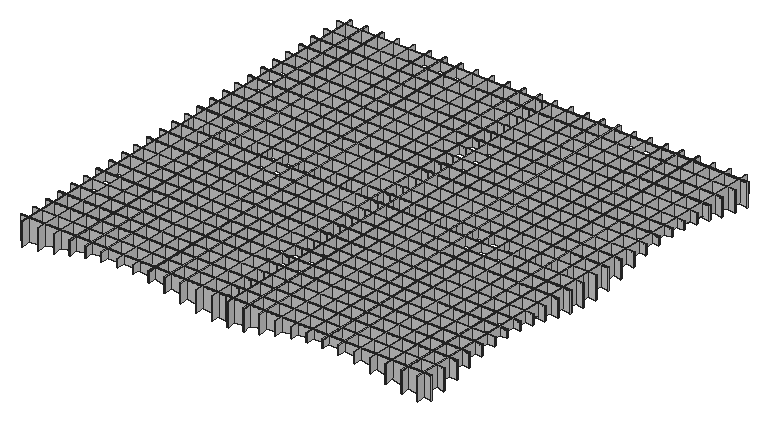
Revit family "CLD-WFL-002_RFA", category Modelos genéricos, Revit 2022 (continued)
Forms (in)
  Extrusion 151, solid, not visible
    sketch origin (0, 41.66311, 0) x (1, 0, 0) y (0, 0, 1)
      loop
        spline (45.92722, 0.45488) -> (46.57816, 0.40504) -> (47.22964, 0.35985) -> (47.88162, 0.31924) -> (48.53404, 0.28312) -> (49.18687, 0.2514) -> (49.84004, 0.224) -> (50.49352, 0.20084) -> (51.14725, 0.18183) -> (51.80119, 0.1669) -> (52.45529, 0.15595) -> (53.1095, 0.14891) -> (53.76378, 0.14568)
        spline (53.76378, 0.14568) -> (54.49695, 0.14945) -> (55.23005, 0.1575) -> (55.96302, 0.16993) -> (56.69581, 0.18682) -> (57.42837, 0.20828) -> (58.16064, 0.23439) -> (58.89257, 0.26525) -> (59.6241, 0.30095) -> (60.35518, 0.34158) -> (61.08577, 0.38725) -> (61.8158, 0.43804) -> (62.54522, 0.49405)
        spline (62.54522, 0.49405) -> (63.20286, 0.55285) -> (63.85981, 0.61666) -> (64.51602, 0.68555) -> (65.17144, 0.75961) -> (65.82603, 0.83894) -> (66.47973, 0.92362) -> (67.1325, 1.01374) -> (67.78428, 1.10938) -> (68.43505, 1.21052) -> (69.08486, 1.31692) -> (69.73376, 1.42831) -> (70.38178, 1.54441)
        spline (70.38178, 1.54441) -> (71.11719, 1.68452) -> (71.85174, 1.82919) -> (72.58551, 1.97812) -> (73.31855, 2.13097) -> (74.05091, 2.28743) -> (74.78265, 2.44718) -> (75.51383, 2.60988) -> (76.24449, 2.77524) -> (76.97471, 2.94291) -> (77.70453, 3.11258) -> (78.43402, 3.28394) -> (79.16322, 3.45665)
        spline (79.16322, 3.45665) -> (79.81589, 3.61318) -> (80.46845, 3.77015) -> (81.12094, 3.92726) -> (81.77342, 4.08422) -> (82.42595, 4.24075) -> (83.07858, 4.39655) -> (83.73137, 4.55134) -> (84.38439, 4.70482) -> (85.03768, 4.85671) -> (85.6913, 5.00672) -> (86.34531, 5.15455) -> (86.99978, 5.29992)
        spline (86.99978, 5.29992) -> (87.72678, 5.4553) -> (88.45445, 5.60712) -> (89.18284, 5.75506) -> (89.91202, 5.8988) -> (90.64204, 6.03803) -> (91.37299, 6.17243) -> (92.1049, 6.3017) -> (92.83786, 6.42551) -> (93.57191, 6.54354) -> (94.30712, 6.6555) -> (95.04356, 6.76106) -> (95.78122, 6.8601)
        spline (95.78122, 6.8601) -> (96.43065, 6.93786) -> (97.08095, 7.01021) -> (97.73207, 7.07724) -> (98.38393, 7.13903) -> (99.03648, 7.19567) -> (99.68963, 7.24723) -> (100.34334, 7.29382) -> (100.99753, 7.33551) -> (101.65213, 7.37238) -> (102.30709, 7.40452) -> (102.96233, 7.43202) -> (103.61778, 7.45496)
        spline (103.61778, 7.45496) -> (103.98301, 7.46494) -> (104.34826, 7.47372) -> (104.71353, 7.4813) -> (105.0788, 7.48768) -> (105.44406, 7.4929) -> (105.80931, 7.49695) -> (106.17454, 7.49984) -> (106.53973, 7.5016) -> (106.90488, 7.50223) -> (107.26998, 7.50173) -> (107.63503, 7.50014) -> (108, 7.49745)
        line (108, 7.49745) -> (108, 11.82144)
    from -0.47244 to 0
  Extrusion 152, solid, not visible
    sketch origin (0, 49.854, 0) x (1, 0, 0) y (0, 0, 1)
      loop
        line (108, 11.82144) -> (0, 11.82144) -> (0, 7.82144)
        spline (0, 7.82144) -> (0.32561, 7.82095) -> (0.65129, 7.81946) -> (0.97702, 7.81696) -> (1.3028, 7.81344) -> (1.62862, 7.80889) -> (1.95447, 7.8033) -> (2.28035, 7.79666) -> (2.60624, 7.78896) -> (2.93213, 7.78018) -> (3.25803, 7.77032) -> (3.58391, 7.75937) -> (3.90978, 7.74731)
        spline (3.90978, 7.74731) -> (4.64427, 7.71242) -> (5.37852, 7.6723) -> (6.11245, 7.62684) -> (6.84598, 7.57595) -> (7.57905, 7.51952) -> (8.31158, 7.45747) -> (9.04349, 7.38968) -> (9.77471, 7.31607) -> (10.50517, 7.23653) -> (11.23479, 7.15095) -> (11.9635, 7.05926) -> (12.69122, 6.96133)
        spline (12.69122, 6.96133) -> (13.34952, 6.86267) -> (14.00673, 6.75803) -> (14.66285, 6.64752) -> (15.31792, 6.53144) -> (15.97202, 6.41007) -> (16.62518, 6.28371) -> (17.27747, 6.15266) -> (17.92894, 6.0172) -> (18.57965, 5.87763) -> (19.22966, 5.73424) -> (19.87902, 5.58733) -> (20.52778, 5.43719)
        spline (20.52778, 5.43719) -> (21.26115, 5.26223) -> (21.99402, 5.08449) -> (22.72645, 4.90432) -> (23.4585, 4.72204) -> (24.19025, 4.53802) -> (24.92176, 4.35257) -> (25.65308, 4.16604) -> (26.38429, 3.97878) -> (27.11545, 3.79111) -> (27.84661, 3.60337) -> (28.57785, 3.41592) -> (29.30922, 3.22908)
        spline (29.30922, 3.22908) -> (29.95995, 3.06408) -> (30.61094, 2.90045) -> (31.26223, 2.73848) -> (31.91387, 2.57847) -> (32.56591, 2.42072) -> (33.21841, 2.26553) -> (33.87141, 2.1132) -> (34.52497, 1.96402) -> (35.17914, 1.81831) -> (35.83396, 1.67635) -> (36.48949, 1.53845) -> (37.14578, 1.4049)
        spline (37.14578, 1.4049) -> (37.87194, 1.26645) -> (38.59907, 1.13361) -> (39.32723, 1.00672) -> (40.05647, 0.88609) -> (40.78684, 0.772) -> (41.51831, 0.66448) -> (42.25083, 0.56343) -> (42.98434, 0.46874) -> (43.71879, 0.38032) -> (44.45413, 0.29806) -> (45.19029, 0.22187) -> (45.92722, 0.15163)
        spline (45.92722, 0.15163) -> (46.57816, 0.09849) -> (47.22964, 0.0503) -> (47.88162, 0.00698) -> (48.53404, -0.03156) -> (49.18687, -0.06541) -> (49.84004, -0.09465) -> (50.49352, -0.11938) -> (51.14725, -0.13967) -> (51.80119, -0.15563) -> (52.45529, -0.16732) -> (53.1095, -0.17485) -> (53.76378, -0.1783)
        spline (53.76378, -0.1783) -> (54.49695, -0.17427) -> (55.23005, -0.16567) -> (55.96302, -0.1524) -> (56.69581, -0.13436) -> (57.42837, -0.11145) -> (58.16064, -0.08358) -> (58.89257, -0.05065) -> (59.6241, -0.01255) -> (60.35519, 0.0308) -> (61.08577, 0.07951) -> (61.8158, 0.13367) -> (62.54522, 0.19339)
        spline (62.54522, 0.19339) -> (63.20286, 0.25606) -> (63.85981, 0.32405) -> (64.51602, 0.39745) -> (65.17144, 0.47635) -> (65.82603, 0.56084) -> (66.47973, 0.65101) -> (67.1325, 0.74696) -> (67.78428, 0.84876) -> (68.43505, 0.95641) -> (69.08486, 1.06964) -> (69.73376, 1.18818) -> (70.38178, 1.31173)
        spline (70.38178, 1.31173) -> (71.11718, 1.46086) -> (71.85174, 1.61486) -> (72.58551, 1.77342) -> (73.31855, 1.93618) -> (74.05091, 2.10281) -> (74.78265, 2.27299) -> (75.51382, 2.44637) -> (76.24449, 2.62262) -> (76.97471, 2.8014) -> (77.70453, 2.98238) -> (78.43402, 3.16522) -> (79.16322, 3.34958)
        spline (79.16322, 3.34958) -> (79.81589, 3.5168) -> (80.46845, 3.68457) -> (81.12094, 3.85259) -> (81.77342, 4.02055) -> (82.42595, 4.18815) -> (83.07858, 4.35509) -> (83.73137, 4.52107) -> (84.38439, 4.68578) -> (85.03768, 4.84892) -> (85.6913, 5.01019) -> (86.34531, 5.16929) -> (86.99978, 5.32592)
        spline (86.99978, 5.32592) -> (87.72678, 5.49371) -> (88.45445, 5.65788) -> (89.18284, 5.8181) -> (89.91202, 5.97405) -> (90.64205, 6.12539) -> (91.37299, 6.27179) -> (92.10491, 6.41294) -> (92.83786, 6.54849) -> (93.57191, 6.67812) -> (94.30713, 6.8015) -> (95.04356, 6.9183) -> (95.78122, 7.02841)
        spline (95.78122, 7.02841) -> (96.43065, 7.11563) -> (97.08095, 7.1973) -> (97.73207, 7.2735) -> (98.38393, 7.34432) -> (99.03648, 7.40985) -> (99.68963, 7.47018) -> (100.34334, 7.52539) -> (100.99753, 7.57558) -> (101.65213, 7.62083) -> (102.30709, 7.66123) -> (102.96233, 7.69687) -> (103.61778, 7.72784)
        spline (103.61778, 7.72784) -> (103.98301, 7.74223) -> (104.34826, 7.75539) -> (104.71352, 7.76731) -> (105.07879, 7.77803) -> (105.44406, 7.78753) -> (105.80931, 7.79585) -> (106.17453, 7.80299) -> (106.53973, 7.80897) -> (106.90488, 7.81379) -> (107.26998, 7.81746) -> (107.63503, 7.82001) -> (108, 7.82144)
        line (108, 7.82144) -> (108, 11.82144)
    from -0.11811 to 0
  Extrusion 153, solid, not visible
    sketch origin (0, 49.97211, 0) x (1, 0, 0) y (0, 0, 1)
      loop
        line (108, 11.82144) -> (0, 11.82144) -> (0, 7.82144)
        spline (0, 7.82144) -> (0.32561, 7.82095) -> (0.65129, 7.81946) -> (0.97702, 7.81696) -> (1.3028, 7.81344) -> (1.62862, 7.80889) -> (1.95447, 7.8033) -> (2.28035, 7.79666) -> (2.60624, 7.78896) -> (2.93213, 7.78018) -> (3.25803, 7.77032) -> (3.58391, 7.75937) -> (3.90978, 7.74731)
        spline (3.90978, 7.74731) -> (4.64427, 7.71242) -> (5.37852, 7.6723) -> (6.11245, 7.62684) -> (6.84598, 7.57595) -> (7.57905, 7.51952) -> (8.31158, 7.45747) -> (9.04349, 7.38968) -> (9.77471, 7.31607) -> (10.50517, 7.23653) -> (11.23479, 7.15095) -> (11.9635, 7.05926) -> (12.69122, 6.96133)
        spline (12.69122, 6.96133) -> (13.34952, 6.86267) -> (14.00673, 6.75803) -> (14.66285, 6.64752) -> (15.31792, 6.53144) -> (15.97202, 6.41007) -> (16.62518, 6.28371) -> (17.27747, 6.15266) -> (17.92894, 6.0172) -> (18.57965, 5.87763) -> (19.22966, 5.73424) -> (19.87902, 5.58733) -> (20.52778, 5.43719)
        spline (20.52778, 5.43719) -> (21.26115, 5.26223) -> (21.99402, 5.08449) -> (22.72645, 4.90432) -> (23.4585, 4.72204) -> (24.19025, 4.53802) -> (24.92176, 4.35257) -> (25.65308, 4.16604) -> (26.38429, 3.97878) -> (27.11545, 3.79111) -> (27.84661, 3.60337) -> (28.57785, 3.41592) -> (29.30922, 3.22908)
        spline (29.30922, 3.22908) -> (29.95995, 3.06408) -> (30.61094, 2.90045) -> (31.26223, 2.73848) -> (31.91387, 2.57847) -> (32.56591, 2.42072) -> (33.21841, 2.26553) -> (33.87141, 2.1132) -> (34.52497, 1.96402) -> (35.17914, 1.81831) -> (35.83396, 1.67635) -> (36.48949, 1.53845) -> (37.14578, 1.4049)
        spline (37.14578, 1.4049) -> (37.87194, 1.26645) -> (38.59907, 1.13361) -> (39.32723, 1.00672) -> (40.05647, 0.88609) -> (40.78684, 0.772) -> (41.51831, 0.66448) -> (42.25083, 0.56343) -> (42.98434, 0.46874) -> (43.71879, 0.38032) -> (44.45413, 0.29806) -> (45.19029, 0.22187) -> (45.92722, 0.15163)
        spline (45.92722, 0.15163) -> (46.57816, 0.09849) -> (47.22964, 0.0503) -> (47.88162, 0.00698) -> (48.53404, -0.03156) -> (49.18687, -0.06541) -> (49.84004, -0.09465) -> (50.49352, -0.11938) -> (51.14725, -0.13967) -> (51.80119, -0.15563) -> (52.45529, -0.16732) -> (53.1095, -0.17485) -> (53.76378, -0.1783)
        spline (53.76378, -0.1783) -> (54.49695, -0.17427) -> (55.23005, -0.16567) -> (55.96302, -0.1524) -> (56.69581, -0.13436) -> (57.42837, -0.11145) -> (58.16064, -0.08358) -> (58.89257, -0.05065) -> (59.6241, -0.01255) -> (60.35519, 0.0308) -> (61.08577, 0.07951) -> (61.8158, 0.13367) -> (62.54522, 0.19339)
        spline (62.54522, 0.19339) -> (63.20286, 0.25606) -> (63.85981, 0.32405) -> (64.51602, 0.39745) -> (65.17144, 0.47635) -> (65.82603, 0.56084) -> (66.47973, 0.65101) -> (67.1325, 0.74696) -> (67.78428, 0.84876) -> (68.43505, 0.95641) -> (69.08486, 1.06964) -> (69.73376, 1.18818) -> (70.38178, 1.31173)
        spline (70.38178, 1.31173) -> (71.11718, 1.46086) -> (71.85174, 1.61486) -> (72.58551, 1.77342) -> (73.31855, 1.93618) -> (74.05091, 2.10281) -> (74.78265, 2.27299) -> (75.51382, 2.44637) -> (76.24449, 2.62262) -> (76.97471, 2.8014) -> (77.70453, 2.98238) -> (78.43402, 3.16522) -> (79.16322, 3.34958)
        spline (79.16322, 3.34958) -> (79.81589, 3.5168) -> (80.46845, 3.68457) -> (81.12094, 3.85259) -> (81.77342, 4.02055) -> (82.42595, 4.18815) -> (83.07858, 4.35509) -> (83.73137, 4.52107) -> (84.38439, 4.68578) -> (85.03768, 4.84892) -> (85.6913, 5.01019) -> (86.34531, 5.16929) -> (86.99978, 5.32592)
        spline (86.99978, 5.32592) -> (87.72678, 5.49371) -> (88.45445, 5.65788) -> (89.18284, 5.8181) -> (89.91202, 5.97405) -> (90.64205, 6.12539) -> (91.37299, 6.27179) -> (92.10491, 6.41294) -> (92.83786, 6.54849) -> (93.57191, 6.67812) -> (94.30713, 6.8015) -> (95.04356, 6.9183) -> (95.78122, 7.02841)
        spline (95.78122, 7.02841) -> (96.43065, 7.11563) -> (97.08095, 7.1973) -> (97.73207, 7.2735) -> (98.38393, 7.34432) -> (99.03648, 7.40985) -> (99.68963, 7.47018) -> (100.34334, 7.52539) -> (100.99753, 7.57558) -> (101.65213, 7.62083) -> (102.30709, 7.66123) -> (102.96233, 7.69687) -> (103.61778, 7.72784)
        spline (103.61778, 7.72784) -> (103.98301, 7.74223) -> (104.34826, 7.75539) -> (104.71352, 7.76731) -> (105.07879, 7.77803) -> (105.44406, 7.78753) -> (105.80931, 7.79585) -> (106.17453, 7.80299) -> (106.53973, 7.80897) -> (106.90488, 7.81379) -> (107.26998, 7.81746) -> (107.63503, 7.82001) -> (108, 7.82144)
        line (108, 7.82144) -> (108, 11.82144)
    from -0.47244 to 0
  Extrusion 154, solid, not visible
    sketch origin (0, 50.44455, 0) x (1, 0, 0) y (0, 0, 1)
      loop
        line (108, 11.82144) -> (0, 11.82144) -> (0, 7.82144)
        spline (0, 7.82144) -> (0.32561, 7.82095) -> (0.65129, 7.81946) -> (0.97702, 7.81696) -> (1.3028, 7.81344) -> (1.62862, 7.80889) -> (1.95447, 7.8033) -> (2.28035, 7.79666) -> (2.60624, 7.78896) -> (2.93213, 7.78018) -> (3.25803, 7.77032) -> (3.58391, 7.75937) -> (3.90978, 7.74731)
        spline (3.90978, 7.74731) -> (4.64427, 7.71242) -> (5.37852, 7.6723) -> (6.11245, 7.62684) -> (6.84598, 7.57595) -> (7.57905, 7.51952) -> (8.31158, 7.45747) -> (9.04349, 7.38968) -> (9.77471, 7.31607) -> (10.50517, 7.23653) -> (11.23479, 7.15095) -> (11.9635, 7.05926) -> (12.69122, 6.96133)
        spline (12.69122, 6.96133) -> (13.34952, 6.86267) -> (14.00673, 6.75803) -> (14.66285, 6.64752) -> (15.31792, 6.53144) -> (15.97202, 6.41007) -> (16.62518, 6.28371) -> (17.27747, 6.15266) -> (17.92894, 6.0172) -> (18.57965, 5.87763) -> (19.22966, 5.73424) -> (19.87902, 5.58733) -> (20.52778, 5.43719)
        spline (20.52778, 5.43719) -> (21.26115, 5.26223) -> (21.99402, 5.08449) -> (22.72645, 4.90432) -> (23.4585, 4.72204) -> (24.19025, 4.53802) -> (24.92176, 4.35257) -> (25.65308, 4.16604) -> (26.38429, 3.97878) -> (27.11545, 3.79111) -> (27.84661, 3.60337) -> (28.57785, 3.41592) -> (29.30922, 3.22908)
        spline (29.30922, 3.22908) -> (29.95995, 3.06408) -> (30.61094, 2.90045) -> (31.26223, 2.73848) -> (31.91387, 2.57847) -> (32.56591, 2.42072) -> (33.21841, 2.26553) -> (33.87141, 2.1132) -> (34.52497, 1.96402) -> (35.17914, 1.81831) -> (35.83396, 1.67635) -> (36.48949, 1.53845) -> (37.14578, 1.4049)
        spline (37.14578, 1.4049) -> (37.87194, 1.26645) -> (38.59907, 1.13361) -> (39.32723, 1.00672) -> (40.05647, 0.88609) -> (40.78684, 0.772) -> (41.51831, 0.66448) -> (42.25083, 0.56343) -> (42.98434, 0.46874) -> (43.71879, 0.38032) -> (44.45413, 0.29806) -> (45.19029, 0.22187) -> (45.92722, 0.15163)
        spline (45.92722, 0.15163) -> (46.57816, 0.09849) -> (47.22964, 0.0503) -> (47.88162, 0.00698) -> (48.53404, -0.03156) -> (49.18687, -0.06541) -> (49.84004, -0.09465) -> (50.49352, -0.11938) -> (51.14725, -0.13967) -> (51.80119, -0.15563) -> (52.45529, -0.16732) -> (53.1095, -0.17485) -> (53.76378, -0.1783)
        spline (53.76378, -0.1783) -> (54.49695, -0.17427) -> (55.23005, -0.16567) -> (55.96302, -0.1524) -> (56.69581, -0.13436) -> (57.42837, -0.11145) -> (58.16064, -0.08358) -> (58.89257, -0.05065) -> (59.6241, -0.01255) -> (60.35519, 0.0308) -> (61.08577, 0.07951) -> (61.8158, 0.13367) -> (62.54522, 0.19339)
        spline (62.54522, 0.19339) -> (63.20286, 0.25606) -> (63.85981, 0.32405) -> (64.51602, 0.39745) -> (65.17144, 0.47635) -> (65.82603, 0.56084) -> (66.47973, 0.65101) -> (67.1325, 0.74696) -> (67.78428, 0.84876) -> (68.43505, 0.95641) -> (69.08486, 1.06964) -> (69.73376, 1.18818) -> (70.38178, 1.31173)
        spline (70.38178, 1.31173) -> (71.11718, 1.46086) -> (71.85174, 1.61486) -> (72.58551, 1.77342) -> (73.31855, 1.93618) -> (74.05091, 2.10281) -> (74.78265, 2.27299) -> (75.51382, 2.44637) -> (76.24449, 2.62262) -> (76.97471, 2.8014) -> (77.70453, 2.98238) -> (78.43402, 3.16522) -> (79.16322, 3.34958)
        spline (79.16322, 3.34958) -> (79.81589, 3.5168) -> (80.46845, 3.68457) -> (81.12094, 3.85259) -> (81.77342, 4.02055) -> (82.42595, 4.18815) -> (83.07858, 4.35509) -> (83.73137, 4.52107) -> (84.38439, 4.68578) -> (85.03768, 4.84892) -> (85.6913, 5.01019) -> (86.34531, 5.16929) -> (86.99978, 5.32592)
        spline (86.99978, 5.32592) -> (87.72678, 5.49371) -> (88.45445, 5.65788) -> (89.18284, 5.8181) -> (89.91202, 5.97405) -> (90.64205, 6.12539) -> (91.37299, 6.27179) -> (92.10491, 6.41294) -> (92.83786, 6.54849) -> (93.57191, 6.67812) -> (94.30713, 6.8015) -> (95.04356, 6.9183) -> (95.78122, 7.02841)
        spline (95.78122, 7.02841) -> (96.43065, 7.11563) -> (97.08095, 7.1973) -> (97.73207, 7.2735) -> (98.38393, 7.34432) -> (99.03648, 7.40985) -> (99.68963, 7.47018) -> (100.34334, 7.52539) -> (100.99753, 7.57558) -> (101.65213, 7.62083) -> (102.30709, 7.66123) -> (102.96233, 7.69687) -> (103.61778, 7.72784)
        spline (103.61778, 7.72784) -> (103.98301, 7.74223) -> (104.34826, 7.75539) -> (104.71352, 7.76731) -> (105.07879, 7.77803) -> (105.44406, 7.78753) -> (105.80931, 7.79585) -> (106.17453, 7.80299) -> (106.53973, 7.80897) -> (106.90488, 7.81379) -> (107.26998, 7.81746) -> (107.63503, 7.82001) -> (108, 7.82144)
        line (108, 7.82144) -> (108, 11.82144)
    from -0.11811 to 0
  Extrusion 155, solid, not visible
    sketch origin (0, 42.13555, 0) x (1, 0, 0) y (0, 0, 1)
      loop
        line (108, 11.82144) -> (0, 11.82144) -> (0, 7.49745)
        spline (0, 7.49745) -> (0.32561, 7.50061) -> (0.65129, 7.5028) -> (0.97702, 7.504) -> (1.3028, 7.50421) -> (1.62862, 7.5034) -> (1.95447, 7.50158) -> (2.28035, 7.49874) -> (2.60624, 7.49485) -> (2.93213, 7.48991) -> (3.25803, 7.48392) -> (3.58391, 7.47685) -> (3.90978, 7.46871)
        spline (3.90978, 7.46871) -> (4.64427, 7.44283) -> (5.37852, 7.41184) -> (6.11245, 7.37564) -> (6.84598, 7.33415) -> (7.57905, 7.28726) -> (8.31158, 7.23488) -> (9.04349, 7.17692) -> (9.77471, 7.11327) -> (10.50517, 7.04386) -> (11.23479, 6.96857) -> (11.9635, 6.88732) -> (12.69122, 6.80001)
        spline (12.69122, 6.80001) -> (13.34456, 6.71191) -> (13.99682, 6.61804) -> (14.64799, 6.5185) -> (15.29813, 6.41358) -> (15.94729, 6.30354) -> (16.59553, 6.18867) -> (17.2429, 6.06925) -> (17.88946, 5.94556) -> (18.53527, 5.81787) -> (19.18038, 5.68647) -> (19.82484, 5.55162) -> (20.46871, 5.41362)
        spline (20.46871, 5.41362) -> (21.20701, 5.25043) -> (21.94481, 5.08446) -> (22.68216, 4.91603) -> (23.41914, 4.74548) -> (24.15581, 4.57314) -> (24.89224, 4.39932) -> (25.62848, 4.22436) -> (26.36461, 4.04857) -> (27.10068, 3.8723) -> (27.83677, 3.69586) -> (28.57293, 3.51959) -> (29.30922, 3.3438)
        spline (29.30922, 3.3438) -> (29.95995, 3.18922) -> (30.61094, 3.03586) -> (31.26223, 2.884) -> (31.91387, 2.73392) -> (32.56591, 2.58591) -> (33.21841, 2.44027) -> (33.87141, 2.29726) -> (34.52497, 2.15719) -> (35.17914, 2.02034) -> (35.83396, 1.88699) -> (36.48949, 1.75744) -> (37.14578, 1.63196)
        spline (37.14578, 1.63196) -> (37.87194, 1.50186) -> (38.59907, 1.37703) -> (39.32723, 1.25779) -> (40.05647, 1.14445) -> (40.78684, 1.03728) -> (41.51831, 0.93629) -> (42.25083, 0.84139) -> (42.98434, 0.75249) -> (43.71879, 0.66948) -> (44.45413, 0.59228) -> (45.19029, 0.52078) -> (45.92722, 0.45488)
        spline (45.92722, 0.45488) -> (46.57816, 0.40504) -> (47.22964, 0.35985) -> (47.88162, 0.31924) -> (48.53404, 0.28312) -> (49.18687, 0.2514) -> (49.84004, 0.224) -> (50.49352, 0.20084) -> (51.14725, 0.18183) -> (51.80119, 0.1669) -> (52.45529, 0.15595) -> (53.1095, 0.14891) -> (53.76378, 0.14568)
        spline (53.76378, 0.14568) -> (54.49695, 0.14945) -> (55.23005, 0.1575) -> (55.96302, 0.16993) -> (56.69581, 0.18682) -> (57.42837, 0.20828) -> (58.16064, 0.23439) -> (58.89257, 0.26525) -> (59.6241, 0.30095) -> (60.35518, 0.34158) -> (61.08577, 0.38725) -> (61.8158, 0.43804) -> (62.54522, 0.49405)
        spline (62.54522, 0.49405) -> (63.20286, 0.55285) -> (63.85981, 0.61666) -> (64.51602, 0.68555) -> (65.17144, 0.75961) -> (65.82603, 0.83894) -> (66.47973, 0.92362) -> (67.1325, 1.01374) -> (67.78428, 1.10938) -> (68.43505, 1.21052) -> (69.08486, 1.31692) -> (69.73376, 1.42831) -> (70.38178, 1.54441)
        spline (70.38178, 1.54441) -> (71.11719, 1.68452) -> (71.85174, 1.82919) -> (72.58551, 1.97812) -> (73.31855, 2.13097) -> (74.05091, 2.28743) -> (74.78265, 2.44718) -> (75.51383, 2.60988) -> (76.24449, 2.77524) -> (76.97471, 2.94291) -> (77.70453, 3.11258) -> (78.43402, 3.28394) -> (79.16322, 3.45665)
        spline (79.16322, 3.45665) -> (79.81589, 3.61318) -> (80.46845, 3.77015) -> (81.12094, 3.92726) -> (81.77342, 4.08422) -> (82.42595, 4.24075) -> (83.07858, 4.39655) -> (83.73137, 4.55134) -> (84.38439, 4.70482) -> (85.03768, 4.85671) -> (85.6913, 5.00672) -> (86.34531, 5.15455) -> (86.99978, 5.29992)
        spline (86.99978, 5.29992) -> (87.72678, 5.4553) -> (88.45445, 5.60712) -> (89.18284, 5.75506) -> (89.91202, 5.8988) -> (90.64204, 6.03803) -> (91.37299, 6.17243) -> (92.1049, 6.3017) -> (92.83786, 6.42551) -> (93.57191, 6.54354) -> (94.30712, 6.6555) -> (95.04356, 6.76106) -> (95.78122, 6.8601)
        spline (95.78122, 6.8601) -> (96.43065, 6.93786) -> (97.08095, 7.01021) -> (97.73207, 7.07724) -> (98.38393, 7.13903) -> (99.03648, 7.19567) -> (99.68963, 7.24723) -> (100.34334, 7.29382) -> (100.99753, 7.33551) -> (101.65213, 7.37238) -> (102.30709, 7.40452) -> (102.96233, 7.43202) -> (103.61778, 7.45496)
        spline (103.61778, 7.45496) -> (103.98301, 7.46494) -> (104.34826, 7.47372) -> (104.71353, 7.4813) -> (105.0788, 7.48768) -> (105.44406, 7.4929) -> (105.80931, 7.49695) -> (106.17454, 7.49984) -> (106.53973, 7.5016) -> (106.90488, 7.50223) -> (107.26998, 7.50173) -> (107.63503, 7.50014) -> (108, 7.49745)
        line (108, 7.49745) -> (108, 11.82144)
    from -0.11811 to 0
  Extrusion 156, solid, not visible
    sketch origin (0, 33.82655, 0) x (1, 0, 0) y (0, 0, 1)
      loop
        line (108, 11.82144) -> (0, 11.82144) -> (0, 6.40455)
        spline (0, 6.40455) -> (0.32561, 6.42139) -> (0.65129, 6.43729) -> (0.97702, 6.45226) -> (1.3028, 6.46628) -> (1.62862, 6.47935) -> (1.95447, 6.49146) -> (2.28035, 6.50259) -> (2.60624, 6.51274) -> (2.93213, 6.52189) -> (3.25803, 6.53005) -> (3.58391, 6.5372) -> (3.90978, 6.54334)
        spline (3.90978, 6.54334) -> (4.64427, 6.55011) -> (5.37852, 6.55208) -> (6.11244, 6.54917) -> (6.84598, 6.5413) -> (7.57905, 6.52839) -> (8.31157, 6.51035) -> (9.04349, 6.4871) -> (9.77471, 6.45856) -> (10.50517, 6.42465) -> (11.23479, 6.38528) -> (11.9635, 6.34038) -> (12.69122, 6.28985)
        spline (12.69122, 6.28985) -> (13.34952, 6.23514) -> (14.00673, 6.17505) -> (14.66285, 6.10968) -> (15.31792, 6.03926) -> (15.97202, 5.96405) -> (16.62518, 5.88427) -> (17.27747, 5.80017) -> (17.92894, 5.712) -> (18.57965, 5.62) -> (19.22966, 5.52441) -> (19.87902, 5.42547) -> (20.52778, 5.32343)
        spline (20.52778, 5.32343) -> (21.26115, 5.20293) -> (21.99402, 5.07965) -> (22.72645, 4.95385) -> (23.4585, 4.82583) -> (24.19025, 4.69586) -> (24.92176, 4.56423) -> (25.65308, 4.43121) -> (26.38429, 4.29709) -> (27.11544, 4.16214) -> (27.84661, 4.02665) -> (28.57785, 3.8909) -> (29.30922, 3.75516)
        spline (29.30922, 3.75516) -> (29.95995, 3.63466) -> (30.61094, 3.51485) -> (31.26223, 3.39599) -> (31.91387, 3.2783) -> (32.56591, 3.16206) -> (33.21841, 3.04749) -> (33.87141, 2.93486) -> (34.52497, 2.8244) -> (35.17914, 2.71637) -> (35.83396, 2.61101) -> (36.48949, 2.50857) -> (37.14578, 2.4093)
        spline (37.14578, 2.4093) -> (37.87194, 2.30632) -> (38.59907, 2.20751) -> (39.32723, 2.11315) -> (40.05647, 2.02349) -> (40.78684, 1.93878) -> (41.51831, 1.85902) -> (42.25083, 1.78415) -> (42.98434, 1.71406) -> (43.71879, 1.64869) -> (44.45413, 1.58794) -> (45.19029, 1.53174) -> (45.92722, 1.47999)
        spline (45.92722, 1.47999) -> (46.57816, 1.44092) -> (47.22964, 1.40553) -> (47.88162, 1.37376) -> (48.53404, 1.34552) -> (49.18687, 1.32076) -> (49.84004, 1.2994) -> (50.49352, 1.28136) -> (51.14725, 1.26658) -> (51.80119, 1.25497) -> (52.45529, 1.24648) -> (53.1095, 1.24101) -> (53.76378, 1.23852)
        spline (53.76378, 1.23852) -> (54.49695, 1.24145) -> (55.23005, 1.2477) -> (55.96302, 1.25736) -> (56.69581, 1.2705) -> (57.42836, 1.2872) -> (58.16063, 1.30755) -> (58.89256, 1.33163) -> (59.62409, 1.35951) -> (60.35518, 1.39128) -> (61.08577, 1.42702) -> (61.8158, 1.46681) -> (62.54522, 1.51073)
        spline (62.54522, 1.51073) -> (63.20286, 1.5569) -> (63.85981, 1.60706) -> (64.51602, 1.66127) -> (65.17144, 1.7196) -> (65.82603, 1.78214) -> (66.47973, 1.84896) -> (67.1325, 1.92013) -> (67.78428, 1.99572) -> (68.43505, 2.07573) -> (69.08486, 2.15994) -> (69.73376, 2.24811) -> (70.38178, 2.34001)
        spline (70.38178, 2.34001) -> (71.11719, 2.45082) -> (71.85175, 2.56518) -> (72.58552, 2.6828) -> (73.31856, 2.80343) -> (74.05092, 2.92677) -> (74.78266, 3.05256) -> (75.51384, 3.1805) -> (76.2445, 3.31033) -> (76.97472, 3.44177) -> (77.70454, 3.57454) -> (78.43402, 3.70836) -> (79.16322, 3.84296)
        spline (79.16322, 3.84296) -> (79.81589, 3.96449) -> (80.46845, 4.08604) -> (81.12094, 4.20735) -> (81.77342, 4.32817) -> (82.42595, 4.44826) -> (83.07858, 4.56736) -> (83.73137, 4.68523) -> (84.38439, 4.80161) -> (85.03768, 4.91625) -> (85.6913, 5.02891) -> (86.34531, 5.13933) -> (86.99978, 5.24726)
        spline (86.99978, 5.24726) -> (87.72678, 5.36123) -> (88.45444, 5.47173) -> (89.18283, 5.57848) -> (89.91201, 5.68121) -> (90.64203, 5.77964) -> (91.37298, 5.87351) -> (92.10489, 5.96254) -> (92.83785, 6.04646) -> (93.5719, 6.125) -> (94.30712, 6.19789) -> (95.04356, 6.26486) -> (95.78122, 6.32579)
        spline (95.78122, 6.32579) -> (96.46987, 6.37175) -> (97.15943, 6.41238) -> (97.84985, 6.44778) -> (98.54104, 6.47801) -> (99.23294, 6.50316) -> (99.92548, 6.5233) -> (100.61859, 6.53851) -> (101.3122, 6.54886) -> (102.00624, 6.55445) -> (102.70063, 6.55534) -> (103.39532, 6.55161) -> (104.09022, 6.54334)
        spline (104.09022, 6.54334) -> (104.41609, 6.5372) -> (104.74197, 6.53005) -> (105.06787, 6.52189) -> (105.39376, 6.51274) -> (105.71965, 6.50259) -> (106.04553, 6.49146) -> (106.37138, 6.47935) -> (106.6972, 6.46628) -> (107.02298, 6.45226) -> (107.34871, 6.43729) -> (107.67439, 6.42139) -> (108, 6.40455)
        line (108, 6.40455) -> (108, 11.82144)
    from -0.11811 to 0
  Extrusion 157, solid, not visible
    sketch origin (0, 25.51755, 0) x (1, 0, 0) y (0, 0, 1)
      loop
        line (108, 11.82144) -> (0, 11.82144) -> (0, 4.58891)
        spline (0, 4.58891) -> (0.32561, 4.62796) -> (0.65129, 4.66617) -> (0.97702, 4.70353) -> (1.3028, 4.74004) -> (1.62862, 4.77569) -> (1.95447, 4.81048) -> (2.28035, 4.84439) -> (2.60624, 4.87743) -> (2.93213, 4.90957) -> (3.25803, 4.94083) -> (3.58391, 4.97119) -> (3.90978, 5.00064)
        spline (3.90978, 5.00064) -> (4.64427, 5.06081) -> (5.37851, 5.11675) -> (6.11244, 5.16838) -> (6.84597, 5.21566) -> (7.57904, 5.25851) -> (8.31157, 5.29688) -> (9.04348, 5.33072) -> (9.7747, 5.35995) -> (10.50516, 5.38452) -> (11.23478, 5.40437) -> (11.96349, 5.41944) -> (12.69122, 5.42966)
        spline (12.69122, 5.42966) -> (13.34952, 5.43128) -> (14.00673, 5.42829) -> (14.66285, 5.42076) -> (15.31792, 5.40886) -> (15.97202, 5.39278) -> (16.62518, 5.37269) -> (17.27747, 5.34877) -> (17.92894, 5.32119) -> (18.57965, 5.29014) -> (19.22966, 5.2558) -> (19.87902, 5.21833) -> (20.52778, 5.17793)
        spline (20.52778, 5.17793) -> (21.26115, 5.12722) -> (21.99402, 5.0737) -> (22.72645, 5.01759) -> (23.45851, 4.95908) -> (24.19025, 4.89838) -> (24.92176, 4.8357) -> (25.65308, 4.77124) -> (26.38429, 4.70521) -> (27.11544, 4.63782) -> (27.84661, 4.56926) -> (28.57785, 4.49975) -> (29.30922, 4.42949)
        spline (29.30922, 4.42949) -> (29.95995, 4.366) -> (30.61094, 4.30234) -> (31.26223, 4.2387) -> (31.91387, 4.17525) -> (32.56591, 4.11218) -> (33.21841, 4.04966) -> (33.87141, 3.98789) -> (34.52497, 3.92703) -> (35.17914, 3.86728) -> (35.83396, 3.80881) -> (36.48949, 3.75181) -> (37.14578, 3.69645)
        spline (37.14578, 3.69645) -> (37.87194, 3.63892) -> (38.59907, 3.58371) -> (39.32723, 3.53102) -> (40.05647, 3.48105) -> (40.78684, 3.43397) -> (41.51831, 3.38979) -> (42.25083, 3.34845) -> (42.98434, 3.30989) -> (43.7188, 3.27405) -> (44.45413, 3.24086) -> (45.19029, 3.21027) -> (45.92722, 3.18221)
        spline (45.92722, 3.18221) -> (46.57816, 3.16116) -> (47.22964, 3.14217) -> (47.88162, 3.12519) -> (48.53404, 3.11017) -> (49.18687, 3.09705) -> (49.84004, 3.08579) -> (50.49352, 3.07632) -> (51.14725, 3.06859) -> (51.80119, 3.06255) -> (52.45529, 3.05816) -> (53.1095, 3.05535) -> (53.76378, 3.05407)
        spline (53.76378, 3.05407) -> (54.49695, 3.0556) -> (55.23004, 3.05885) -> (55.96301, 3.06387) -> (56.6958, 3.07073) -> (57.42836, 3.07948) -> (58.16062, 3.09019) -> (58.89255, 3.10292) -> (59.62409, 3.11771) -> (60.35517, 3.13464) -> (61.08576, 3.15376) -> (61.81579, 3.17514) -> (62.54522, 3.19882)
        spline (62.54522, 3.19882) -> (63.20286, 3.22386) -> (63.85981, 3.25117) -> (64.51602, 3.28078) -> (65.17144, 3.31277) -> (65.82603, 3.34719) -> (66.47973, 3.38408) -> (67.1325, 3.42351) -> (67.78428, 3.46553) -> (68.43505, 3.51013) -> (69.08486, 3.55715) -> (69.73376, 3.60642) -> (70.38178, 3.65777)
        spline (70.38178, 3.65777) -> (71.1172, 3.71948) -> (71.85176, 3.78304) -> (72.58554, 3.84824) -> (73.31858, 3.91488) -> (74.05094, 3.98275) -> (74.78268, 4.05166) -> (75.51385, 4.12139) -> (76.24452, 4.19176) -> (76.97473, 4.26254) -> (77.70455, 4.33354) -> (78.43403, 4.40456) -> (79.16322, 4.47539)
        spline (79.16322, 4.47539) -> (79.80403, 4.53723) -> (80.44473, 4.59841) -> (81.08536, 4.65876) -> (81.72599, 4.7181) -> (82.36666, 4.77623) -> (83.00743, 4.83299) -> (83.64836, 4.88819) -> (84.28951, 4.94166) -> (84.93093, 4.9932) -> (85.57267, 5.04265) -> (86.21481, 5.08982) -> (86.85738, 5.13453)
        spline (86.85738, 5.13453) -> (87.59614, 5.18092) -> (88.33559, 5.22395) -> (89.07577, 5.26344) -> (89.81676, 5.29917) -> (90.55862, 5.33094) -> (91.30141, 5.35856) -> (92.04519, 5.38181) -> (92.79004, 5.4005) -> (93.53601, 5.41442) -> (94.28316, 5.42338) -> (95.03157, 5.42716) -> (95.78122, 5.4257)
        spline (95.78122, 5.4257) -> (96.43065, 5.41648) -> (97.08095, 5.40294) -> (97.73207, 5.38513) -> (98.38393, 5.36311) -> (99.03648, 5.33693) -> (99.68963, 5.30665) -> (100.34334, 5.27231) -> (100.99753, 5.23398) -> (101.65213, 5.19169) -> (102.30709, 5.14552) -> (102.96233, 5.09551) -> (103.61778, 5.04172)
        spline (103.61778, 5.04172) -> (103.98301, 5.00943) -> (104.34827, 4.97613) -> (104.71354, 4.94182) -> (105.07881, 4.90651) -> (105.44407, 4.8702) -> (105.80932, 4.83291) -> (106.17455, 4.79465) -> (106.53974, 4.75541) -> (106.90489, 4.71521) -> (107.26999, 4.67406) -> (107.63503, 4.63196) -> (108, 4.58891)
        line (108, 4.58891) -> (108, 11.82144)
    from -0.11811 to 0
  Extrusion 158, solid, not visible
    sketch origin (0, 17.20855, 0) x (1, 0, 0) y (0, 0, 1)
      loop
        line (108, 11.82144) -> (0, 11.82144) -> (0, 2.55729)
        spline (0, 2.55729) -> (0.32561, 2.61504) -> (0.65129, 2.67215) -> (0.97702, 2.72862) -> (1.3028, 2.78445) -> (1.62862, 2.83963) -> (1.95447, 2.89415) -> (2.28035, 2.94802) -> (2.60624, 3.00123) -> (2.93213, 3.05379) -> (3.25803, 3.10567) -> (3.58391, 3.15689) -> (3.90978, 3.20744)
        spline (3.90978, 3.20744) -> (4.64427, 3.31686) -> (5.37851, 3.42317) -> (6.11243, 3.52634) -> (6.84596, 3.62635) -> (7.57903, 3.72316) -> (8.31156, 3.81675) -> (9.04347, 3.90709) -> (9.77469, 3.99415) -> (10.50515, 4.07789) -> (11.23478, 4.1583) -> (11.96349, 4.23534) -> (12.69122, 4.30898)
        spline (12.69122, 4.30898) -> (13.34952, 4.37039) -> (14.00673, 4.4286) -> (14.66285, 4.48364) -> (15.31792, 4.53559) -> (15.97202, 4.58455) -> (16.62518, 4.63059) -> (17.27747, 4.67381) -> (17.92894, 4.71429) -> (18.57965, 4.75212) -> (19.22966, 4.78738) -> (19.87902, 4.82016) -> (20.52778, 4.85054)
        spline (20.52778, 4.85054) -> (21.26115, 4.88062) -> (21.99402, 4.90823) -> (22.72646, 4.93347) -> (23.45851, 4.95644) -> (24.19026, 4.97724) -> (24.92176, 4.99598) -> (25.65309, 5.01275) -> (26.38429, 5.02764) -> (27.11545, 5.04077) -> (27.84661, 5.05223) -> (28.57785, 5.06211) -> (29.30922, 5.07053)
        spline (29.30922, 5.07053) -> (29.95995, 5.07584) -> (30.61094, 5.08009) -> (31.26223, 5.08336) -> (31.91387, 5.08574) -> (32.56591, 5.08733) -> (33.21841, 5.0882) -> (33.87141, 5.08846) -> (34.52497, 5.08817) -> (35.17914, 5.08744) -> (35.83396, 5.08636) -> (36.48949, 5.085) -> (37.14578, 5.08346)
        spline (37.14578, 5.08346) -> (37.87194, 5.08165) -> (38.59907, 5.0799) -> (39.32723, 5.0783) -> (40.05647, 5.07696) -> (40.78684, 5.07594) -> (41.51831, 5.07527) -> (42.25083, 5.07491) -> (42.98434, 5.07483) -> (43.7188, 5.075) -> (44.45413, 5.07538) -> (45.19029, 5.07596) -> (45.92722, 5.0767)
        spline (45.92722, 5.0767) -> (46.57816, 5.07753) -> (47.22964, 5.07843) -> (47.88162, 5.07937) -> (48.53404, 5.08033) -> (49.18687, 5.08128) -> (49.84004, 5.0822) -> (50.49352, 5.08306) -> (51.14725, 5.08383) -> (51.80119, 5.0845) -> (52.45529, 5.08503) -> (53.1095, 5.0854) -> (53.76378, 5.08558)
        spline (53.76378, 5.08558) -> (54.49695, 5.08542) -> (55.23004, 5.08505) -> (55.96301, 5.0845) -> (56.6958, 5.0838) -> (57.42835, 5.08298) -> (58.16062, 5.08206) -> (58.89255, 5.08107) -> (59.62408, 5.08005) -> (60.35517, 5.07902) -> (61.08576, 5.07801) -> (61.81579, 5.07705) -> (62.54522, 5.07616)
        spline (62.54522, 5.07616) -> (63.20286, 5.07551) -> (63.85981, 5.075) -> (64.51602, 5.07466) -> (65.17144, 5.07452) -> (65.82603, 5.0746) -> (66.47973, 5.07493) -> (67.1325, 5.07554) -> (67.78428, 5.07645) -> (68.43505, 5.07766) -> (69.08486, 5.07909) -> (69.73376, 5.08066) -> (70.38178, 5.08229)
        spline (70.38178, 5.08229) -> (71.1172, 5.08386) -> (71.85177, 5.08523) -> (72.58555, 5.08629) -> (73.31859, 5.08695) -> (74.05095, 5.08712) -> (74.78269, 5.08668) -> (75.51386, 5.08555) -> (76.24453, 5.08362) -> (76.97474, 5.08079) -> (77.70455, 5.07697) -> (78.43403, 5.07206) -> (79.16322, 5.06596)
        spline (79.16322, 5.06596) -> (79.81589, 5.05858) -> (80.46845, 5.04989) -> (81.12094, 5.0398) -> (81.77342, 5.02821) -> (82.42595, 5.01505) -> (83.07858, 5.00022) -> (83.73137, 4.98363) -> (84.38439, 4.9652) -> (85.03768, 4.94483) -> (85.6913, 4.92244) -> (86.34531, 4.89793) -> (86.99978, 4.87123)
        spline (86.99978, 4.87123) -> (87.72677, 4.83707) -> (88.45442, 4.80022) -> (89.18281, 4.7606) -> (89.91198, 4.7181) -> (90.642, 4.67263) -> (91.37294, 4.62408) -> (92.10486, 4.57237) -> (92.83781, 4.5174) -> (93.57187, 4.45907) -> (94.3071, 4.39728) -> (95.04355, 4.33194) -> (95.78122, 4.26301)
        spline (95.78122, 4.26301) -> (96.43065, 4.19725) -> (97.08095, 4.12847) -> (97.73207, 4.05667) -> (98.38393, 3.9819) -> (99.03648, 3.90417) -> (99.68963, 3.82352) -> (100.34334, 3.73996) -> (100.99753, 3.65352) -> (101.65213, 3.56424) -> (102.30709, 3.47213) -> (102.96233, 3.37722) -> (103.61778, 3.27954)
        spline (103.61778, 3.27954) -> (103.98302, 3.22342) -> (104.34828, 3.16655) -> (104.71355, 3.10893) -> (105.07882, 3.05057) -> (105.44409, 2.99146) -> (105.80934, 2.93162) -> (106.17456, 2.87105) -> (106.53976, 2.80974) -> (106.9049, 2.74771) -> (107.27, 2.68496) -> (107.63504, 2.62148) -> (108, 2.55729)
        line (108, 2.55729) -> (108, 11.82144)
    from -0.11811 to 0
  Extrusion 159, solid, not visible
    sketch origin (0, 8.89955, 0) x (1, 0, 0) y (0, 0, 1)
      loop
        line (108, 11.82144) -> (0, 11.82144) -> (0, 0.88375)
        spline (0, 0.88375) -> (0.32561, 0.94348) -> (0.65129, 1.00296) -> (0.97702, 1.06219) -> (1.3028, 1.12116) -> (1.62862, 1.1799) -> (1.95447, 1.23838) -> (2.28035, 1.29662) -> (2.60624, 1.35462) -> (2.93213, 1.41237) -> (3.25803, 1.46988) -> (3.58391, 1.52715) -> (3.90978, 1.58418)
        spline (3.90978, 1.58418) -> (4.64426, 1.71122) -> (5.37851, 1.8372) -> (6.11243, 1.96212) -> (6.84596, 2.086) -> (7.57903, 2.20885) -> (8.31155, 2.33067) -> (9.04347, 2.45149) -> (9.77469, 2.57131) -> (10.50515, 2.69014) -> (11.23478, 2.80798) -> (11.96349, 2.92486) -> (12.69122, 3.04079)
        spline (12.69122, 3.04079) -> (13.34952, 3.14441) -> (14.00673, 3.24717) -> (14.66285, 3.34906) -> (15.31792, 3.45005) -> (15.97202, 3.55011) -> (16.62518, 3.64921) -> (17.27747, 3.74732) -> (17.92894, 3.8444) -> (18.57965, 3.94043) -> (19.22966, 4.03537) -> (19.87902, 4.12919) -> (20.52778, 4.22187)
        spline (20.52778, 4.22187) -> (21.26116, 4.32437) -> (21.99403, 4.42546) -> (22.72646, 4.52511) -> (23.45852, 4.62328) -> (24.19027, 4.71993) -> (24.92177, 4.81503) -> (25.6531, 4.90854) -> (26.3843, 5.00042) -> (27.11545, 5.09065) -> (27.84662, 5.17918) -> (28.57786, 5.26598) -> (29.30922, 5.35101)
        spline (29.30922, 5.35101) -> (29.95995, 5.42391) -> (30.61094, 5.49516) -> (31.26223, 5.56472) -> (31.91387, 5.63257) -> (32.56591, 5.69867) -> (33.21841, 5.763) -> (33.87141, 5.82551) -> (34.52497, 5.88618) -> (35.17914, 5.94498) -> (35.83396, 6.00187) -> (36.48949, 6.05683) -> (37.14578, 6.10982)
        spline (37.14578, 6.10982) -> (37.87194, 6.16453) -> (38.59907, 6.21702) -> (39.32723, 6.26723) -> (40.05647, 6.31514) -> (40.78684, 6.36072) -> (41.51831, 6.40397) -> (42.25083, 6.44489) -> (42.98434, 6.4835) -> (43.71879, 6.51981) -> (44.45413, 6.55383) -> (45.19029, 6.58557) -> (45.92722, 6.61503)
        spline (45.92722, 6.61503) -> (46.57816, 6.6376) -> (47.22964, 6.65822) -> (47.88162, 6.67689) -> (48.53404, 6.69363) -> (49.18687, 6.70845) -> (49.84004, 6.72134) -> (50.49352, 6.73234) -> (51.14725, 6.74143) -> (51.80119, 6.74863) -> (52.45529, 6.75396) -> (53.1095, 6.75742) -> (53.76378, 6.75901)
        spline (53.76378, 6.75901) -> (54.49695, 6.7572) -> (55.23004, 6.75331) -> (55.96301, 6.74732) -> (56.6958, 6.73922) -> (57.42835, 6.72901) -> (58.16062, 6.71667) -> (58.89255, 6.7022) -> (59.62408, 6.68557) -> (60.35517, 6.66679) -> (61.08576, 6.64585) -> (61.81579, 6.62272) -> (62.54522, 6.59741)
        spline (62.54522, 6.59741) -> (63.20286, 6.57112) -> (63.85981, 6.54281) -> (64.51602, 6.51247) -> (65.17144, 6.48008) -> (65.82603, 6.44563) -> (66.47973, 6.40912) -> (67.1325, 6.37054) -> (67.78428, 6.32988) -> (68.43505, 6.28713) -> (69.08486, 6.24233) -> (69.73376, 6.19551) -> (70.38178, 6.14669)
        spline (70.38178, 6.14669) -> (71.1172, 6.08737) -> (71.85177, 6.02584) -> (72.58554, 5.96214) -> (73.31858, 5.89631) -> (74.05094, 5.82838) -> (74.78268, 5.75838) -> (75.51386, 5.68636) -> (76.24452, 5.61234) -> (76.97473, 5.53637) -> (77.70455, 5.45847) -> (78.43403, 5.37869) -> (79.16322, 5.29705)
        spline (79.16322, 5.29705) -> (79.81589, 5.22111) -> (80.46845, 5.14359) -> (81.12094, 5.06452) -> (81.77342, 4.98394) -> (82.42595, 4.90188) -> (83.07858, 4.81837) -> (83.73137, 4.73344) -> (84.38439, 4.64713) -> (85.03768, 4.55947) -> (85.6913, 4.47048) -> (86.34531, 4.3802) -> (86.99978, 4.28866)
        spline (86.99978, 4.28866) -> (87.72677, 4.18488) -> (88.45442, 4.07981) -> (89.1828, 3.97349) -> (89.91197, 3.86595) -> (90.64199, 3.75723) -> (91.37293, 3.64737) -> (92.10485, 3.53639) -> (92.8378, 3.42433) -> (93.57186, 3.31123) -> (94.30709, 3.19712) -> (95.04354, 3.08203) -> (95.78122, 2.96599)
        spline (95.78122, 2.96599) -> (96.4698, 2.85601) -> (97.15931, 2.74512) -> (97.84968, 2.63332) -> (98.54085, 2.52058) -> (99.23273, 2.40692) -> (99.92527, 2.2923) -> (100.61838, 2.17673) -> (101.31201, 2.06019) -> (102.00608, 1.94268) -> (102.70052, 1.82418) -> (103.39525, 1.70469) -> (104.09022, 1.58418)
        spline (104.09022, 1.58418) -> (104.41609, 1.52715) -> (104.74197, 1.46988) -> (105.06787, 1.41237) -> (105.39376, 1.35462) -> (105.71965, 1.29662) -> (106.04553, 1.23838) -> (106.37138, 1.1799) -> (106.6972, 1.12116) -> (107.02298, 1.06219) -> (107.34871, 1.00296) -> (107.67439, 0.94348) -> (108, 0.88375)
        line (108, 0.88375) -> (108, 11.82144)
    from -0.11811 to 0
  Extrusion 160, solid, not visible
    sketch origin (0, 58.163, 0) x (1, 0, 0) y (0, 0, 1)
      loop
        line (108, 11.82144) -> (0, 11.82144) -> (0, 7.49745)
        spline (0, 7.49745) -> (0.32561, 7.50061) -> (0.65129, 7.5028) -> (0.97702, 7.504) -> (1.3028, 7.50421) -> (1.62862, 7.5034) -> (1.95447, 7.50158) -> (2.28035, 7.49874) -> (2.60624, 7.49485) -> (2.93213, 7.48991) -> (3.25803, 7.48392) -> (3.58391, 7.47685) -> (3.90978, 7.46871)
        spline (3.90978, 7.46871) -> (4.64427, 7.44283) -> (5.37852, 7.41184) -> (6.11245, 7.37564) -> (6.84598, 7.33415) -> (7.57905, 7.28726) -> (8.31158, 7.23488) -> (9.04349, 7.17692) -> (9.77471, 7.11327) -> (10.50517, 7.04386) -> (11.23479, 6.96857) -> (11.9635, 6.88732) -> (12.69122, 6.80001)
        spline (12.69122, 6.80001) -> (13.34456, 6.71191) -> (13.99682, 6.61804) -> (14.64799, 6.5185) -> (15.29813, 6.41358) -> (15.94729, 6.30354) -> (16.59553, 6.18867) -> (17.2429, 6.06925) -> (17.88946, 5.94556) -> (18.53527, 5.81787) -> (19.18038, 5.68647) -> (19.82484, 5.55162) -> (20.46871, 5.41362)
        spline (20.46871, 5.41362) -> (21.20701, 5.25043) -> (21.94481, 5.08446) -> (22.68216, 4.91603) -> (23.41914, 4.74548) -> (24.15581, 4.57314) -> (24.89224, 4.39932) -> (25.62848, 4.22436) -> (26.36461, 4.04857) -> (27.10068, 3.8723) -> (27.83677, 3.69586) -> (28.57293, 3.51959) -> (29.30922, 3.3438)
        spline (29.30922, 3.3438) -> (29.95995, 3.18922) -> (30.61094, 3.03586) -> (31.26223, 2.884) -> (31.91387, 2.73392) -> (32.56591, 2.58591) -> (33.21841, 2.44027) -> (33.87141, 2.29726) -> (34.52497, 2.15719) -> (35.17914, 2.02034) -> (35.83396, 1.88699) -> (36.48949, 1.75744) -> (37.14578, 1.63196)
        spline (37.14578, 1.63196) -> (37.87194, 1.50186) -> (38.59907, 1.37703) -> (39.32723, 1.25779) -> (40.05647, 1.14445) -> (40.78684, 1.03728) -> (41.51831, 0.93629) -> (42.25083, 0.84139) -> (42.98434, 0.75249) -> (43.71879, 0.66948) -> (44.45413, 0.59228) -> (45.19029, 0.52078) -> (45.92722, 0.45488)
        spline (45.92722, 0.45488) -> (46.57816, 0.40504) -> (47.22964, 0.35985) -> (47.88162, 0.31924) -> (48.53404, 0.28312) -> (49.18687, 0.2514) -> (49.84004, 0.224) -> (50.49352, 0.20084) -> (51.14725, 0.18183) -> (51.80119, 0.1669) -> (52.45529, 0.15595) -> (53.1095, 0.14891) -> (53.76378, 0.14568)
        spline (53.76378, 0.14568) -> (54.49695, 0.14945) -> (55.23005, 0.1575) -> (55.96302, 0.16993) -> (56.69581, 0.18682) -> (57.42837, 0.20828) -> (58.16064, 0.23439) -> (58.89257, 0.26525) -> (59.6241, 0.30095) -> (60.35518, 0.34158) -> (61.08577, 0.38725) -> (61.8158, 0.43804) -> (62.54522, 0.49405)
        spline (62.54522, 0.49405) -> (63.20286, 0.55285) -> (63.85981, 0.61666) -> (64.51602, 0.68555) -> (65.17144, 0.75961) -> (65.82603, 0.83894) -> (66.47973, 0.92362) -> (67.1325, 1.01374) -> (67.78428, 1.10938) -> (68.43505, 1.21052) -> (69.08486, 1.31692) -> (69.73376, 1.42831) -> (70.38178, 1.54441)
        spline (70.38178, 1.54441) -> (71.11719, 1.68452) -> (71.85174, 1.82919) -> (72.58551, 1.97812) -> (73.31855, 2.13097) -> (74.05091, 2.28743) -> (74.78265, 2.44718) -> (75.51383, 2.60988) -> (76.24449, 2.77524) -> (76.97471, 2.94291) -> (77.70453, 3.11258) -> (78.43402, 3.28394) -> (79.16322, 3.45665)
        spline (79.16322, 3.45665) -> (79.81589, 3.61318) -> (80.46845, 3.77015) -> (81.12094, 3.92726) -> (81.77342, 4.08422) -> (82.42595, 4.24075) -> (83.07858, 4.39655) -> (83.73137, 4.55134) -> (84.38439, 4.70482) -> (85.03768, 4.85671) -> (85.6913, 5.00672) -> (86.34531, 5.15455) -> (86.99978, 5.29992)
        spline (86.99978, 5.29992) -> (87.72678, 5.4553) -> (88.45445, 5.60712) -> (89.18284, 5.75506) -> (89.91202, 5.8988) -> (90.64204, 6.03803) -> (91.37299, 6.17243) -> (92.1049, 6.3017) -> (92.83786, 6.42551) -> (93.57191, 6.54354) -> (94.30712, 6.6555) -> (95.04356, 6.76106) -> (95.78122, 6.8601)
        spline (95.78122, 6.8601) -> (96.43065, 6.93786) -> (97.08095, 7.01021) -> (97.73207, 7.07724) -> (98.38393, 7.13903) -> (99.03648, 7.19567) -> (99.68963, 7.24723) -> (100.34334, 7.29382) -> (100.99753, 7.33551) -> (101.65213, 7.37238) -> (102.30709, 7.40452) -> (102.96233, 7.43202) -> (103.61778, 7.45496)
        spline (103.61778, 7.45496) -> (103.98301, 7.46494) -> (104.34826, 7.47372) -> (104.71353, 7.4813) -> (105.0788, 7.48768) -> (105.44406, 7.4929) -> (105.80931, 7.49695) -> (106.17454, 7.49984) -> (106.53973, 7.5016) -> (106.90488, 7.50223) -> (107.26998, 7.50173) -> (107.63503, 7.50014) -> (108, 7.49745)
        line (108, 7.49745) -> (108, 11.82144)
    from -0.11811 to 0
  Extrusion 161, solid, not visible
    sketch origin (0, 58.28111, 0) x (1, 0, 0) y (0, 0, 1)
      loop
        line (108, 11.82144) -> (0, 11.82144) -> (0, 7.49745)
        spline (0, 7.49745) -> (0.32561, 7.50061) -> (0.65129, 7.5028) -> (0.97702, 7.504) -> (1.3028, 7.50421) -> (1.62862, 7.5034) -> (1.95447, 7.50158) -> (2.28035, 7.49874) -> (2.60624, 7.49485) -> (2.93213, 7.48991) -> (3.25803, 7.48392) -> (3.58391, 7.47685) -> (3.90978, 7.46871)
        spline (3.90978, 7.46871) -> (4.64427, 7.44283) -> (5.37852, 7.41184) -> (6.11245, 7.37564) -> (6.84598, 7.33415) -> (7.57905, 7.28726) -> (8.31158, 7.23488) -> (9.04349, 7.17692) -> (9.77471, 7.11327) -> (10.50517, 7.04386) -> (11.23479, 6.96857) -> (11.9635, 6.88732) -> (12.69122, 6.80001)
        spline (12.69122, 6.80001) -> (13.34456, 6.71191) -> (13.99682, 6.61804) -> (14.64799, 6.5185) -> (15.29813, 6.41358) -> (15.94729, 6.30354) -> (16.59553, 6.18867) -> (17.2429, 6.06925) -> (17.88946, 5.94556) -> (18.53527, 5.81787) -> (19.18038, 5.68647) -> (19.82484, 5.55162) -> (20.46871, 5.41362)
        spline (20.46871, 5.41362) -> (21.20701, 5.25043) -> (21.94481, 5.08446) -> (22.68216, 4.91603) -> (23.41914, 4.74548) -> (24.15581, 4.57314) -> (24.89224, 4.39932) -> (25.62848, 4.22436) -> (26.36461, 4.04857) -> (27.10068, 3.8723) -> (27.83677, 3.69586) -> (28.57293, 3.51959) -> (29.30922, 3.3438)
        spline (29.30922, 3.3438) -> (29.95995, 3.18922) -> (30.61094, 3.03586) -> (31.26223, 2.884) -> (31.91387, 2.73392) -> (32.56591, 2.58591) -> (33.21841, 2.44027) -> (33.87141, 2.29726) -> (34.52497, 2.15719) -> (35.17914, 2.02034) -> (35.83396, 1.88699) -> (36.48949, 1.75744) -> (37.14578, 1.63196)
        spline (37.14578, 1.63196) -> (37.87194, 1.50186) -> (38.59907, 1.37703) -> (39.32723, 1.25779) -> (40.05647, 1.14445) -> (40.78684, 1.03728) -> (41.51831, 0.93629) -> (42.25083, 0.84139) -> (42.98434, 0.75249) -> (43.71879, 0.66948) -> (44.45413, 0.59228) -> (45.19029, 0.52078) -> (45.92722, 0.45488)
        spline (45.92722, 0.45488) -> (46.57816, 0.40504) -> (47.22964, 0.35985) -> (47.88162, 0.31924) -> (48.53404, 0.28312) -> (49.18687, 0.2514) -> (49.84004, 0.224) -> (50.49352, 0.20084) -> (51.14725, 0.18183) -> (51.80119, 0.1669) -> (52.45529, 0.15595) -> (53.1095, 0.14891) -> (53.76378, 0.14568)
        spline (53.76378, 0.14568) -> (54.49695, 0.14945) -> (55.23005, 0.1575) -> (55.96302, 0.16993) -> (56.69581, 0.18682) -> (57.42837, 0.20828) -> (58.16064, 0.23439) -> (58.89257, 0.26525) -> (59.6241, 0.30095) -> (60.35518, 0.34158) -> (61.08577, 0.38725) -> (61.8158, 0.43804) -> (62.54522, 0.49405)
        spline (62.54522, 0.49405) -> (63.20286, 0.55285) -> (63.85981, 0.61666) -> (64.51602, 0.68555) -> (65.17144, 0.75961) -> (65.82603, 0.83894) -> (66.47973, 0.92362) -> (67.1325, 1.01374) -> (67.78428, 1.10938) -> (68.43505, 1.21052) -> (69.08486, 1.31692) -> (69.73376, 1.42831) -> (70.38178, 1.54441)
        spline (70.38178, 1.54441) -> (71.11719, 1.68452) -> (71.85174, 1.82919) -> (72.58551, 1.97812) -> (73.31855, 2.13097) -> (74.05091, 2.28743) -> (74.78265, 2.44718) -> (75.51383, 2.60988) -> (76.24449, 2.77524) -> (76.97471, 2.94291) -> (77.70453, 3.11258) -> (78.43402, 3.28394) -> (79.16322, 3.45665)
        spline (79.16322, 3.45665) -> (79.81589, 3.61318) -> (80.46845, 3.77015) -> (81.12094, 3.92726) -> (81.77342, 4.08422) -> (82.42595, 4.24075) -> (83.07858, 4.39655) -> (83.73137, 4.55134) -> (84.38439, 4.70482) -> (85.03768, 4.85671) -> (85.6913, 5.00672) -> (86.34531, 5.15455) -> (86.99978, 5.29992)
        spline (86.99978, 5.29992) -> (87.72678, 5.4553) -> (88.45445, 5.60712) -> (89.18284, 5.75506) -> (89.91202, 5.8988) -> (90.64204, 6.03803) -> (91.37299, 6.17243) -> (92.1049, 6.3017) -> (92.83786, 6.42551) -> (93.57191, 6.54354) -> (94.30712, 6.6555) -> (95.04356, 6.76106) -> (95.78122, 6.8601)
        spline (95.78122, 6.8601) -> (96.43065, 6.93786) -> (97.08095, 7.01021) -> (97.73207, 7.07724) -> (98.38393, 7.13903) -> (99.03648, 7.19567) -> (99.68963, 7.24723) -> (100.34334, 7.29382) -> (100.99753, 7.33551) -> (101.65213, 7.37238) -> (102.30709, 7.40452) -> (102.96233, 7.43202) -> (103.61778, 7.45496)
        spline (103.61778, 7.45496) -> (103.98301, 7.46494) -> (104.34826, 7.47372) -> (104.71353, 7.4813) -> (105.0788, 7.48768) -> (105.44406, 7.4929) -> (105.80931, 7.49695) -> (106.17454, 7.49984) -> (106.53973, 7.5016) -> (106.90488, 7.50223) -> (107.26998, 7.50173) -> (107.63503, 7.50014) -> (108, 7.49745)
        line (108, 7.49745) -> (108, 11.82144)
    from -0.47244 to 0
  Extrusion 162, solid, not visible
    sketch origin (0, 58.75355, 0) x (1, 0, 0) y (0, 0, 1)
      loop
        line (108, 11.82144) -> (0, 11.82144) -> (0, 7.49745)
        spline (0, 7.49745) -> (0.32561, 7.50061) -> (0.65129, 7.5028) -> (0.97702, 7.504) -> (1.3028, 7.50421) -> (1.62862, 7.5034) -> (1.95447, 7.50158) -> (2.28035, 7.49874) -> (2.60624, 7.49485) -> (2.93213, 7.48991) -> (3.25803, 7.48392) -> (3.58391, 7.47685) -> (3.90978, 7.46871)
        spline (3.90978, 7.46871) -> (4.64427, 7.44283) -> (5.37852, 7.41184) -> (6.11245, 7.37564) -> (6.84598, 7.33415) -> (7.57905, 7.28726) -> (8.31158, 7.23488) -> (9.04349, 7.17692) -> (9.77471, 7.11327) -> (10.50517, 7.04386) -> (11.23479, 6.96857) -> (11.9635, 6.88732) -> (12.69122, 6.80001)
        spline (12.69122, 6.80001) -> (13.34456, 6.71191) -> (13.99682, 6.61804) -> (14.64799, 6.5185) -> (15.29813, 6.41358) -> (15.94729, 6.30354) -> (16.59553, 6.18867) -> (17.2429, 6.06925) -> (17.88946, 5.94556) -> (18.53527, 5.81787) -> (19.18038, 5.68647) -> (19.82484, 5.55162) -> (20.46871, 5.41362)
        spline (20.46871, 5.41362) -> (21.20701, 5.25043) -> (21.94481, 5.08446) -> (22.68216, 4.91603) -> (23.41914, 4.74548) -> (24.15581, 4.57314) -> (24.89224, 4.39932) -> (25.62848, 4.22436) -> (26.36461, 4.04857) -> (27.10068, 3.8723) -> (27.83677, 3.69586) -> (28.57293, 3.51959) -> (29.30922, 3.3438)
        spline (29.30922, 3.3438) -> (29.95995, 3.18922) -> (30.61094, 3.03586) -> (31.26223, 2.884) -> (31.91387, 2.73392) -> (32.56591, 2.58591) -> (33.21841, 2.44027) -> (33.87141, 2.29726) -> (34.52497, 2.15719) -> (35.17914, 2.02034) -> (35.83396, 1.88699) -> (36.48949, 1.75744) -> (37.14578, 1.63196)
        spline (37.14578, 1.63196) -> (37.87194, 1.50186) -> (38.59907, 1.37703) -> (39.32723, 1.25779) -> (40.05647, 1.14445) -> (40.78684, 1.03728) -> (41.51831, 0.93629) -> (42.25083, 0.84139) -> (42.98434, 0.75249) -> (43.71879, 0.66948) -> (44.45413, 0.59228) -> (45.19029, 0.52078) -> (45.92722, 0.45488)
        spline (45.92722, 0.45488) -> (46.57816, 0.40504) -> (47.22964, 0.35985) -> (47.88162, 0.31924) -> (48.53404, 0.28312) -> (49.18687, 0.2514) -> (49.84004, 0.224) -> (50.49352, 0.20084) -> (51.14725, 0.18183) -> (51.80119, 0.1669) -> (52.45529, 0.15595) -> (53.1095, 0.14891) -> (53.76378, 0.14568)
        spline (53.76378, 0.14568) -> (54.49695, 0.14945) -> (55.23005, 0.1575) -> (55.96302, 0.16993) -> (56.69581, 0.18682) -> (57.42837, 0.20828) -> (58.16064, 0.23439) -> (58.89257, 0.26525) -> (59.6241, 0.30095) -> (60.35518, 0.34158) -> (61.08577, 0.38725) -> (61.8158, 0.43804) -> (62.54522, 0.49405)
        spline (62.54522, 0.49405) -> (63.20286, 0.55285) -> (63.85981, 0.61666) -> (64.51602, 0.68555) -> (65.17144, 0.75961) -> (65.82603, 0.83894) -> (66.47973, 0.92362) -> (67.1325, 1.01374) -> (67.78428, 1.10938) -> (68.43505, 1.21052) -> (69.08486, 1.31692) -> (69.73376, 1.42831) -> (70.38178, 1.54441)
        spline (70.38178, 1.54441) -> (71.11719, 1.68452) -> (71.85174, 1.82919) -> (72.58551, 1.97812) -> (73.31855, 2.13097) -> (74.05091, 2.28743) -> (74.78265, 2.44718) -> (75.51383, 2.60988) -> (76.24449, 2.77524) -> (76.97471, 2.94291) -> (77.70453, 3.11258) -> (78.43402, 3.28394) -> (79.16322, 3.45665)
        spline (79.16322, 3.45665) -> (79.81589, 3.61318) -> (80.46845, 3.77015) -> (81.12094, 3.92726) -> (81.77342, 4.08422) -> (82.42595, 4.24075) -> (83.07858, 4.39655) -> (83.73137, 4.55134) -> (84.38439, 4.70482) -> (85.03768, 4.85671) -> (85.6913, 5.00672) -> (86.34531, 5.15455) -> (86.99978, 5.29992)
        spline (86.99978, 5.29992) -> (87.72678, 5.4553) -> (88.45445, 5.60712) -> (89.18284, 5.75506) -> (89.91202, 5.8988) -> (90.64204, 6.03803) -> (91.37299, 6.17243) -> (92.1049, 6.3017) -> (92.83786, 6.42551) -> (93.57191, 6.54354) -> (94.30712, 6.6555) -> (95.04356, 6.76106) -> (95.78122, 6.8601)
        spline (95.78122, 6.8601) -> (96.43065, 6.93786) -> (97.08095, 7.01021) -> (97.73207, 7.07724) -> (98.38393, 7.13903) -> (99.03648, 7.19567) -> (99.68963, 7.24723) -> (100.34334, 7.29382) -> (100.99753, 7.33551) -> (101.65213, 7.37238) -> (102.30709, 7.40452) -> (102.96233, 7.43202) -> (103.61778, 7.45496)
        spline (103.61778, 7.45496) -> (103.98301, 7.46494) -> (104.34826, 7.47372) -> (104.71353, 7.4813) -> (105.0788, 7.48768) -> (105.44406, 7.4929) -> (105.80931, 7.49695) -> (106.17454, 7.49984) -> (106.53973, 7.5016) -> (106.90488, 7.50223) -> (107.26998, 7.50173) -> (107.63503, 7.50014) -> (108, 7.49745)
        line (108, 7.49745) -> (108, 11.82144)
    from -0.11811 to 0
  Extrusion 163, solid, not visible
    sketch origin (0, 66.472, 0) x (1, 0, 0) y (0, 0, 1)
      loop
        line (108, 11.82144) -> (0, 11.82144) -> (0, 6.40455)
